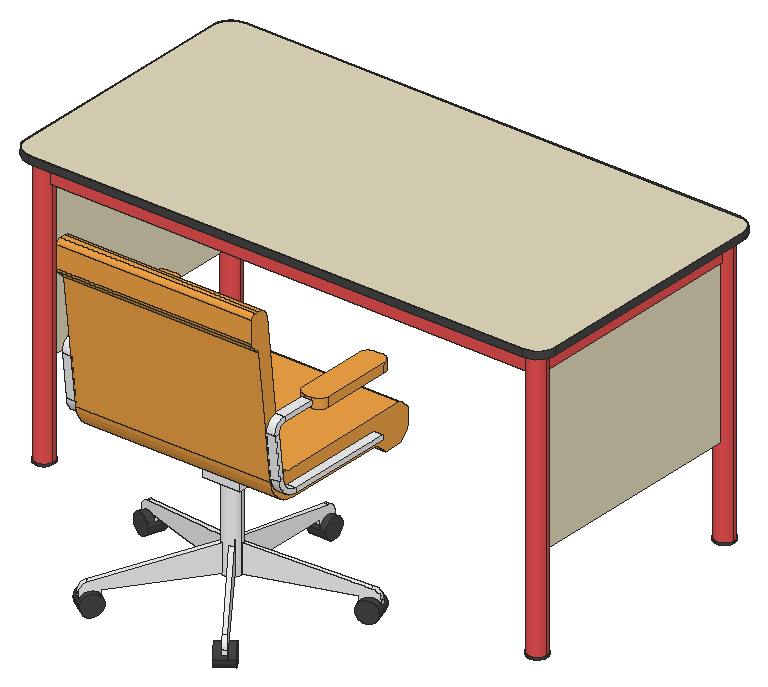
Revit family "0b2d75cd5847452ca9f5c2f4363b1413", category Mobilier, Revit 2021
Family settings
  Basée sur le plan de construction = Non
  Toujours verticalement = Oui
  Couper avec des vides une fois chargée = Non
  Partagée = Non
  Point de calcul de pièce = Non
Parameters (values of type "1350mm x 640mm")
  Structure = Peinture - Rouge
  Elévation par défaut = 0 mm
  Profondeur = 640 mm
  Panneaux = Bois - Mélaminé beige
  Haut = Bois - Mélaminé beige
  Largeur = 1350 mm
  Hauteur = 750 mm
Reference planes
  plane 1 "Centre (avant/arrière)": y = -30
  plane 2: z = 0
  plane 3 "Centre (gauche/droite)": x = 0
  plane 4: y = 290
  plane 5: y = -350
  plane 6: x = -675
  plane 7: x = 675
  plane 8 "Haut": z = 750
  plane 9 "Panneaux": z = 250
Forms (mm)
  Extrusion 1, solid, material "Peinture - Rouge" <- "Structure"
    sketch origin (0, 0, 0) x (1, 0, 0) y (0, 1, 0)
      loop
        circle (-675, 290) r 25
      loop
        circle (-675, -350) r 25
      loop
        circle (675, -350) r 25
      loop
        circle (675, 290) r 25
    from 5 to 750
  Extrusion 2, solid, material "Peinture - Rouge" <- "Structure"
    sketch origin (962.48, -1524, 750) x (0, -1, 0) y (-1, 0, 0)
      loop
        arc (-1791.087, 1647.48) -> (-1789, 1637.48) -> (-1791.087, 1627.48) r 25
        line (-1791.087, 1627.48) -> (-1196.913, 1627.48)
        arc (-1196.913, 1627.48) -> (-1199, 1637.48) -> (-1196.913, 1647.48) r 25
        line (-1196.913, 1647.48) -> (-1791.087, 1647.48)
      loop
        line (-1791.087, 277.48) -> (-1196.913, 277.48)
        arc (-1196.913, 277.48) -> (-1199, 287.48) -> (-1196.913, 297.48) r 25
        line (-1196.913, 297.48) -> (-1791.087, 297.48)
        arc (-1791.087, 297.48) -> (-1789, 287.48) -> (-1791.087, 277.48) r 25
      loop
        line (-1184, 1614.567) -> (-1184, 310.393)
        arc (-1184, 310.393) -> (-1174, 312.48) -> (-1164, 310.393) r 25
        line (-1164, 310.393) -> (-1164, 1614.567)
        arc (-1164, 1614.567) -> (-1174, 1612.48) -> (-1184, 1614.567) r 25
      loop
        arc (-1804, 1614.567) -> (-1814, 1612.48) -> (-1824, 1614.567) r 25
        line (-1824, 1614.567) -> (-1824, 310.393)
        arc (-1824, 310.393) -> (-1814, 312.48) -> (-1804, 310.393) r 25
        line (-1804, 310.393) -> (-1804, 1614.567)
    from 0 to 60
  Extrusion 3, solid, material "Bois - Mélaminé beige" <- "Panneaux"
    sketch origin (881.259, -1524, 250) x (-1, 0, 0) y (0, -1, 0)
      loop
        arc (1548.759, -1790.152) -> (1556.259, -1789) -> (1563.759, -1790.152) r 25
        line (1563.759, -1790.152) -> (1563.759, -1197.848)
        arc (1563.759, -1197.848) -> (1556.259, -1199) -> (1548.759, -1197.848) r 25
        line (1548.759, -1197.848) -> (1548.759, -1790.152)
      loop
        line (213.759, -1790.152) -> (213.759, -1197.848)
        arc (213.759, -1197.848) -> (206.259, -1199) -> (198.759, -1197.848) r 25
        line (198.759, -1197.848) -> (198.759, -1790.152)
        arc (198.759, -1790.152) -> (206.259, -1789) -> (213.759, -1790.152) r 25
      loop
        arc (1532.41, -1821.5) -> (1531.259, -1814) -> (1532.41, -1806.5) r 25
        line (1532.41, -1806.5) -> (230.107, -1806.5)
        arc (230.107, -1806.5) -> (231.259, -1814) -> (230.107, -1821.5) r 25
        line (230.107, -1821.5) -> (1532.41, -1821.5)
    from 0 to 440
  Extrusion 4, solid, material "Bois - Mélaminé beige" <- "Haut"
    sketch origin (962.48, -1524, 750) x (0, -1, 0) y (-1, 0, 0)
      loop
        line (-1864, 1637.48) -> (-1864, 287.48)
        arc (-1864, 287.48) -> (-1849.355, 252.124) -> (-1814, 237.48) r 50
        line (-1814, 237.48) -> (-1174, 237.48)
        arc (-1174, 237.48) -> (-1138.645, 252.124) -> (-1124, 287.48) r 50
        line (-1124, 287.48) -> (-1124, 1637.48)
        arc (-1124, 1637.48) -> (-1138.645, 1672.835) -> (-1174, 1687.48) r 50
        line (-1174, 1687.48) -> (-1814, 1687.48)
        arc (-1814, 1687.48) -> (-1849.355, 1672.835) -> (-1864, 1637.48) r 50
    from 0 to -19
  Extrusion 5, solid, material "Plastique - Noir"
    sketch origin (0, 0, 0) x (1, 0, 0) y (0, 1, 0)
      loop
        circle (-675, 290) r 27
      loop
        circle (-675, -350) r 27
      loop
        circle (675, -350) r 27
      loop
        circle (675, 290) r 27
    from 0 to 5
  Sweep 6, solid, material "Plastique - Noir"
    path in 3D
      loop
        arc (725, 290, 769) -> (710.355, 325.355, 769) -> (675, 340, 769) r 50
        line (675, 340, 769) -> (-675, 340, 769)
        arc (-675, 340, 769) -> (-710.355, 325.355, 769) -> (-725, 290, 769) r 50
        line (-725, 290, 769) -> (-725, -350, 769)
        arc (-725, -350, 769) -> (-710.355, -385.355, 769) -> (-675, -400, 769) r 50
        line (-675, -400, 769) -> (675, -400, 769)
        arc (675, -400, 769) -> (710.355, -385.355, 769) -> (725, -350, 769) r 50
        line (725, -350, 769) -> (725, 290, 769)
    profile origin (725, -30, 769) x (-1, 0, 0) y (0, 0, 1)
      loop
        line (0, -19) -> (0, 0) -> (-1, 0) -> (-1, -19) -> (0, -19)
Lines and regions (mm)
  sketch lines
    curve 1: line (725, -350, 769) -> (725, 290, 769)
    curve 2: arc (725, -350, 769) -> (710.355, -385.355, 769) -> (675, -400, 769) r 50
    curve 3: line (-675, -400, 769) -> (675, -400, 769)
    curve 4: arc (-675, -400, 769) -> (-710.355, -385.355, 769) -> (-725, -350, 769) r 50
    curve 5: line (-725, 290, 769) -> (-725, -350, 769)
    curve 6: arc (-725, 290, 769) -> (-710.355, 325.355, 769) -> (-675, 340, 769) r 50
    curve 7: line (675, 340, 769) -> (-675, 340, 769)
    curve 8: arc (675, 340, 769) -> (710.355, 325.355, 769) -> (725, 290, 769) r 50
Dimensions and locks
  equal spacing: plane 6, plane 3 "Centre (gauche/droite)", plane 7
  equal spacing: plane 5, plane 1 "Centre (avant/arrière)", plane 4
  "Profondeur": plane 5 to plane 4
  "Largeur": plane 6 to plane 7
  "Hauteur": plane 8 "Haut" to plane 2
  equal spacing: Extrusion 2 sketch curve, plane 6, Extrusion 2 sketch curve
  locked: Extrusion 2 sketch curve to plane 6 at 10
  equal spacing: Extrusion 2 sketch curve, plane 7, Extrusion 2 sketch curve
  locked: plane 7 to Extrusion 2 sketch curve at 10
  equal spacing: Extrusion 2 sketch curve, plane 5, Extrusion 2 sketch curve
  locked: Extrusion 2 sketch curve to plane 5 at 10
  equal spacing: Extrusion 2 sketch curve, plane 4, Extrusion 2 sketch curve
  locked: plane 4 to Extrusion 2 sketch curve at 10
  locked: plane 9 "Panneaux" to plane 2 at 250
  equal spacing: Extrusion 3 sketch curve, plane 6, Extrusion 3 sketch curve
  locked: Extrusion 3 sketch curve to plane 6 at 7.5
  equal spacing: Extrusion 3 sketch curve, plane 7, Extrusion 3 sketch curve
  locked: plane 7 to Extrusion 3 sketch curve at 7.5
  equal spacing: Extrusion 3 sketch curve, plane 4, Extrusion 3 sketch curve
  locked: plane 4 to Extrusion 3 sketch curve at 7.5
  locked: plane 4 to Extrusion 4 sketch curve at 50
  locked: Extrusion 4 sketch curve to plane 5 at 50
  locked: Extrusion 4 sketch curve to plane 6 at 50
  locked: plane 7 to Extrusion 4 sketch curve at 50
  locked: nested 1 to plane 5 at 200
  aligned and locked: Extrusion 1 to plane 8 "Haut"
  aligned and locked: Extrusion 2 sketch curve to Extrusion 1  (x7)
  aligned and locked: Extrusion 3 to Extrusion 2
  aligned and locked: Extrusion 3 sketch curve to Extrusion 1  (x6)
  aligned and locked: plane 3 "Centre (gauche/droite)" to nested 1
  aligned and locked: Sweep 6 sketch curve to Extrusion 4
  aligned and locked: Extrusion 4 to Sweep 6 sketch curve
  aligned and locked: Sweep 6 sketch curve to profile plane
Automatic sketch dimensions
  Extrusion 1 sketch curve to plane 5 = 0 mm  (x2)
  Extrusion 1 sketch curve to plane 6 = 0 mm  (x2)
  Extrusion 1 sketch curve to plane 4 = 0 mm  (x2)
  Extrusion 1 sketch curve to plane 7 = 0 mm  (x2)
  Extrusion 2 sketch curve to Extrusion 2 sketch curve = 0 mm  (x2)
  Extrusion 2 sketch curve to Extrusion 2 sketch curve = 12.913 mm
  Extrusion 4 sketch curve to plane 4 = 0 mm
  Extrusion 4 sketch curve to plane 5 = 0 mm  (x2)
  Extrusion 4 sketch curve to plane 7 = 0 mm
  Extrusion 5 sketch curve to plane 4 = 0 mm  (x2)
  Extrusion 5 sketch curve to plane 5 = 0 mm  (x2)
  Extrusion 5 sketch curve to plane 6 = 0 mm  (x2)
  Extrusion 5 sketch curve to plane 7 = 0 mm  (x2)
  profile plane to Sweep 6 sketch curve = 1 mm
  radius of Extrusion 1 sketch curve = 25 mm  (x4)
  radius of Extrusion 5 sketch curve = 27 mm  (x4)
Nested families
  nested 1: "M_Siège(3)" at (-140.991, -568.946, 0), type "M_Siège(3)"
Definition of nested family "M_Siège(3)"
  Parameters
    Default Elevation = 0 mm
    Pied - accoudoirs = none
    Roulettes = none
    Assembly Code = ""
    Assise - dossier = none
  Reference planes
    plane 1 "Centre (avant/arrière)": y = 18.946
    plane 2: z = 0
    plane 3 "Centre (gauche/droite)": x = 140.991
    plane 4: x = 458.491
    plane 5: x = -176.509
    plane 6: y = -323.954
    plane 7: y = 361.846
    plane 8: z = 889
    plane 9: z = 457.2
    plane 10: y = -247.754
    plane 11: z = 863.6
    plane 12: y = 285.646
    plane 13: y = 260.246
    plane 14: z = 431.8
    plane 15: y = -222.354
    plane 16: z = 787.4
    plane 17: z = 355.6
    plane 18: x = 191.791
    plane 19: x = 90.191
    plane 20: x = 420.391
    plane 21: x = -138.409
    plane 22: z = 609.6
    plane 23: z = 609.6
  Forms (mm)
    Extrusion 1, solid, material <- "Assise - dossier"
      sketch origin (-176.509, 0, 0) x (0, -1, 0) y (0, 0, 1)
        loop
          arc (-255.01, 457.2) -> (-259.851, 456.241) -> (-263.96, 453.51) r 12.7
          line (-263.96, 453.51) -> (-281.896, 435.694)
          arc (-281.896, 435.694) -> (-284.671, 431.563) -> (-285.646, 426.684) r 12.7
          line (-285.646, 426.684) -> (-285.646, 391.641)
          arc (-285.646, 391.641) -> (-283.729, 381.96) -> (-278.266, 373.74) r 25.4
          line (-278.266, 373.74) -> (-260.247, 355.6) -> (-209.447, 355.6) -> (-181.074, 383.784) -> (107.109, 383.784)
          arc (107.109, 383.784) -> (157.745, 403.041) -> (182.787, 451.08) r 76.2
          line (182.787, 451.08) -> (222.354, 787.4) -> (244.034, 809.08)
          arc (244.034, 809.08) -> (246.787, 813.2) -> (247.754, 818.061) r 12.7
          line (247.754, 818.061) -> (247.754, 876.3)
          arc (247.754, 876.3) -> (244.034, 885.28) -> (235.054, 889) r 12.7
          line (235.054, 889) -> (222.179, 889)
          arc (222.179, 889) -> (205.3, 882.581) -> (196.953, 866.568) r 25.4
          line (196.953, 866.568) -> (151.431, 479.632)
          arc (151.431, 479.632) -> (143.084, 463.619) -> (126.205, 457.2) r 25.4
          line (126.205, 457.2) -> (-255.01, 457.2)
      from -50.8 to -584.2
    Extrusion 2, solid, material <- "Pied - accoudoirs"
      sketch origin (191.791, 0, 0) x (0, -1, 0) y (0, 0, 1)
        loop
          line (19.154, 383.784) -> (-69.746, 383.784) -> (-69.746, 371.084) -> (-18.946, 283.095) -> (19.154, 283.095) -> (19.154, 383.784)
      from 0 to 101.6
    Extrusion 3, solid, material <- "Pied - accoudoirs"
      sketch origin (140.991, 0, 0) x (0, 1, 0) y (0, 0, 1)
        loop
          line (18.946, 53.584) -> (311.046, 53.584) -> (311.046, 28.184) -> (361.846, 28.184) -> (361.846, 52.487)
          arc (361.846, 52.487) -> (355.903, 68.813) -> (340.857, 77.501) r 25.4
          line (340.857, 77.501) -> (44.346, 129.784) -> (18.946, 129.784) -> (18.946, 53.584)
      from 6.35 to -6.35
    Extrusion 4, solid, material <- "Roulettes"
      sketch origin (140.991, 0, 0) x (0, 1, 0) y (0, 0, 1)
        loop
          circle (336.446, 28.184) r 28.2
      from 25.4 to -25.4
    Extrusion 5, solid, material <- "Pied - accoudoirs"
      sketch origin (159.009, 13.091, 0) x (-0.951057, 0.309017, 0) y (0, 0, 1)
        loop
          line (18.946, 53.584) -> (311.046, 53.584) -> (311.046, 28.184) -> (361.846, 28.184) -> (361.846, 52.487)
          arc (361.846, 52.487) -> (355.903, 68.813) -> (340.857, 77.501) r 25.4
          line (340.857, 77.501) -> (44.346, 129.784) -> (18.946, 129.784) -> (18.946, 53.584)
      from 6.35 to -6.35
    Extrusion 6, solid, material <- "Roulettes"
      sketch origin (159.009, 13.091, 0) x (-0.951057, 0.309017, 0) y (0, 0, 1)
        loop
          circle (336.446, 28.184) r 28.2
      from 25.4 to -25.4
    Extrusion 7, solid, material <- "Pied - accoudoirs"
      sketch origin (152.127, 34.273, 0) x (-0.587785, -0.809017, 0) y (0, 0, 1)
        loop
          line (18.946, 53.584) -> (311.046, 53.584) -> (311.046, 28.184) -> (361.846, 28.184) -> (361.846, 52.487)
          arc (361.846, 52.487) -> (355.903, 68.813) -> (340.857, 77.501) r 25.4
          line (340.857, 77.501) -> (44.346, 129.784) -> (18.946, 129.784) -> (18.946, 53.584)
      from 6.35 to -6.35
    Extrusion 8, solid, material <- "Roulettes"
      sketch origin (152.127, 34.273, 0) x (-0.587785, -0.809017, 0) y (0, 0, 1)
        loop
          circle (336.446, 28.184) r 28.2
      from 25.4 to -25.4
    Extrusion 9, solid, material <- "Pied - accoudoirs"
      sketch origin (129.855, 34.273, 0) x (0.587785, -0.809017, 0) y (0, 0, 1)
        loop
          line (18.946, 53.584) -> (311.046, 53.584) -> (311.046, 28.184) -> (361.846, 28.184) -> (361.846, 52.487)
          arc (361.846, 52.487) -> (355.903, 68.813) -> (340.857, 77.501) r 25.4
          line (340.857, 77.501) -> (44.346, 129.784) -> (18.946, 129.784) -> (18.946, 53.584)
      from 6.35 to -6.35
    Extrusion 10, solid, material <- "Roulettes"
      sketch origin (129.855, 34.273, 0) x (0.587785, -0.809017, 0) y (0, 0, 1)
        loop
          circle (336.446, 28.184) r 28.2
      from 25.4 to -25.4
    Extrusion 11, solid, material <- "Pied - accoudoirs"
      sketch origin (122.972, 13.091, 0) x (0.951057, 0.309017, 0) y (0, 0, 1)
        loop
          line (18.946, 53.584) -> (311.046, 53.584) -> (311.046, 28.184) -> (361.846, 28.184) -> (361.846, 52.487)
          arc (361.846, 52.487) -> (355.903, 68.813) -> (340.857, 77.501) r 25.4
          line (340.857, 77.501) -> (44.346, 129.784) -> (18.946, 129.784) -> (18.946, 53.584)
      from 6.35 to -6.35
    Extrusion 12, solid, material <- "Roulettes"
      sketch origin (122.972, 13.091, 0) x (0.951057, 0.309017, 0) y (0, 0, 1)
        loop
          circle (336.446, 28.184) r 28.2
      from 25.4 to -25.4
    Extrusion 13, solid, material <- "Pied - accoudoirs"
      sketch origin (0, 0, 0) x (1, 0, 0) y (0, 1, 0)
        loop
          circle (140.991, 18.946) r 25.4
      from 53.584 to 384.175
    Sweep 14, solid, material <- "Pied - accoudoirs"
      path origin (420.391, 0, 0) x (0, -1, 0) y (0, 0, 1)
        loop
          line (-167.032, 419.1) -> (128.329, 419.1)
          arc (128.329, 419.1) -> (162.087, 431.938) -> (178.781, 463.964) r 50.8
          line (178.781, 463.964) -> (192.578, 581.232)
          arc (192.578, 581.232) -> (186.332, 601.079) -> (167.352, 609.6) r 25.4
          line (167.352, 609.6) -> (-18.946, 609.6)
      profile origin (420.391, 19.351, 0) x (0, 0, 1) y (-1, 0, 0)
        loop
          line (425.45, 12.7) -> (412.75, 12.7) -> (412.75, -12.7) -> (425.45, -12.7) -> (425.45, 12.7)
    Sweep 15, solid, material <- "Pied - accoudoirs"
      path origin (-138.409, 0, 0) x (0, -1, 0) y (0, 0, 1)
        loop
          line (-167.032, 419.1) -> (126.239, 419.1)
          arc (126.239, 419.1) -> (159.996, 431.938) -> (176.691, 463.964) r 50.8
          line (176.691, 463.964) -> (190.487, 581.232)
          arc (190.487, 581.232) -> (184.242, 601.079) -> (165.261, 609.6) r 25.4
          line (165.261, 609.6) -> (-18.946, 609.6)
      profile origin (-138.409, 20.397, 0) x (0, 0, 1) y (-1, 0, 0)
        loop
          line (412.75, -12.7) -> (425.45, -12.7) -> (425.45, 12.7) -> (412.75, 12.7) -> (412.75, -12.7)
    Extrusion 16, solid, material <- "Assise - dossier"
      sketch origin (407.691, 167.032, 425.45) x (0, -1, 0) y (1, 0, 0)
        loop
          line (241.235, 6.35) -> (241.235, 25.4)
          arc (241.235, 25.4) -> (233.795, 43.361) -> (215.835, 50.8) r 25.4
          line (215.835, 50.8) -> (25.4, 50.8)
          arc (25.4, 50.8) -> (7.439, 43.361) -> (0, 25.4) r 25.4
          line (0, 25.4) -> (0, 6.35)
          arc (0, 6.35) -> (7.439, -11.611) -> (25.4, -19.05) r 25.4
          line (25.4, -19.05) -> (215.835, -19.05)
          arc (215.835, -19.05) -> (233.795, -11.611) -> (241.235, 6.35) r 25.4
        loop
          line (240.19, -558.8) -> (240.19, -539.75)
          arc (240.19, -539.75) -> (232.75, -521.789) -> (214.79, -514.35) r 25.4
          line (214.79, -514.35) -> (25.4, -514.35)
          arc (25.4, -514.35) -> (7.439, -521.789) -> (0, -539.75) r 25.4
          line (0, -539.75) -> (0, -558.8)
          arc (0, -558.8) -> (7.439, -576.761) -> (25.4, -584.2) r 25.4
          line (25.4, -584.2) -> (214.79, -584.2)
          arc (214.79, -584.2) -> (232.75, -576.761) -> (240.19, -558.8) r 25.4
      from 171.45 to 196.85
  Dimensions and locks
    equal spacing: plane 5, plane 3 "Centre (gauche/droite)", plane 4
    plane 5 to plane 4 = 635 mm
    equal spacing: plane 6, plane 1 "Centre (avant/arrière)", plane 7
    plane 6 to plane 7 = 685.8 mm
